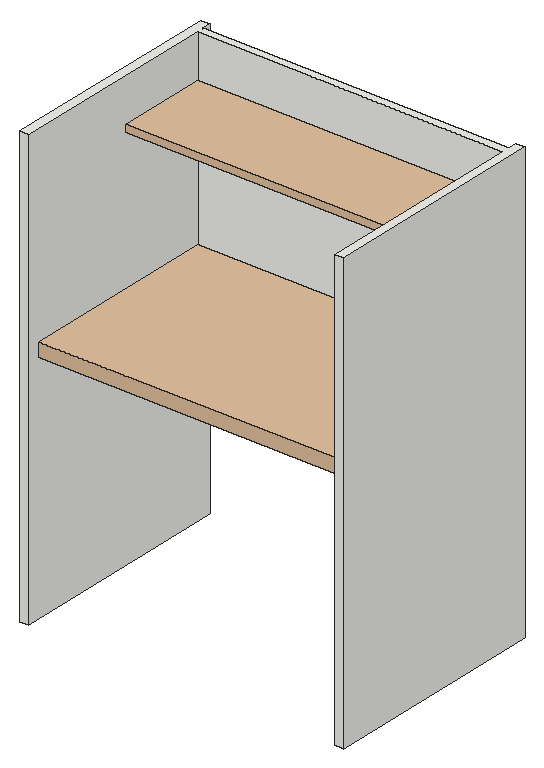
Revit family
Parameters
  Carrel Material = Laminate - Ivory, Matte
  Desktop/Shelf Material = Wood - Cherry
  Width = 908.05 mm
Reference planes
  plane 1 "Center (Front/Back)": y = 0
  plane 2: z = 0
  plane 3 "Center (Left/Right)": x = 0
  plane 4: x = -428.625
  plane 5: x = 428.625
  plane 6: y = -609.6
  plane 7: x = 454.025
  plane 8: x = -454.025
  plane 9: y = 25.4
Forms (mm)
  Extrusion 1, solid, material "Laminate - Ivory, Matte" <- "Carrel Material"
    sketch origin (0, 0, 0) x (1, 0, 0) y (0, 1, 0)
      loop
        line (-428.625, 0) -> (-428.625, 25.4) -> (-454.025, 25.4) -> (-454.025, -609.6) -> (-428.625, -609.6) -> (-428.625, -19.05) -> (428.625, -19.05) -> (428.625, -609.6) -> (454.025, -609.6) -> (454.025, 25.4) -> (428.625, 25.4) -> (428.625, 0) -> (-428.625, 0)
    from 0 to 1231.9
  Extrusion 2, solid, material "Wood - Cherry" <- "Desktop/Shelf Material"
    sketch origin (0, 0, 0) x (1, 0, 0) y (0, 1, 0)
      loop
        line (-428.625, -19.05) -> (-428.625, -577.85) -> (428.625, -577.85) -> (428.625, -19.05) -> (-428.625, -19.05)
    from 660.4 to 698.5
  Extrusion 3, void
    sketch origin (-428.625, -19.05, 1231.9) x (0, 0, -1) y (1, 0, 0)
      loop
        line (1231.9, 0) -> (1231.9, 857.25) -> (774.7, 857.25) -> (774.7, 0) -> (1231.9, 0)
    from -50.8 to 50.8
  Extrusion 4, solid, material "Wood - Cherry" <- "Desktop/Shelf Material"
    sketch origin (0, 0, 1231.9) x (1, 0, 0) y (0, 1, 0)
      loop
        line (-428.625, -19.05) -> (-428.625, -273.05) -> (428.625, -273.05) -> (428.625, -19.05) -> (-428.625, -19.05)
    from -139.7 to -120.65
Cuts and joins
  Extrusion 3 cuts Extrusion 1
  Extrusion 3 cuts Extrusion 2
Lines and regions (mm)
  symbolic lines
    curve 1: line (-454.025, 0, 0) -> (454.025, 0, 0)
    curve 2: line (-454.025, 0, 0) -> (-454.025, -609.6, 0)
    curve 3: line (-454.025, -609.6, 0) -> (454.025, -609.6, 0)
    curve 4: line (454.025, 0, 0) -> (454.025, -609.6, 0)
    curve 5: line (-454.025, -273.05, 0) -> (454.025, -273.05, 0)
Dimensions and locks
  locked: plane 8 to plane 4 at 25.4
  locked: plane 5 to plane 7 at 25.4
  "Width": plane 8 to plane 7
  aligned and locked: curve 5 to Extrusion 4
Automatic sketch dimensions
  Extrusion 1 sketch curve to plane 8 = 0.00 mm
  Extrusion 1 sketch curve to plane 4 = 0.00 mm  (x2)
  Extrusion 1 sketch curve to plane 1 "Center (Front/Back)" = 0.00 mm
  Extrusion 1 sketch curve to plane 5 = 0.00 mm  (x2)
  Extrusion 1 sketch curve to plane 6 = 0.00 mm  (x2)
  Extrusion 1 sketch curve to plane 7 = 0.00 mm
  Extrusion 1 sketch curve to plane 9 = 0.00 mm  (x2)
  Extrusion 1 sketch curve to Extrusion 1 sketch curve = 19.05 mm
  Extrusion 2 sketch curve to plane 4 = 0.00 mm
  Extrusion 2 sketch curve to plane 5 = 0.00 mm
  Extrusion 2 sketch curve to plane 6 = 31.75 mm
  plane 1 "Center (Front/Back)" to Extrusion 2 sketch curve = 19.05 mm
  Extrusion 3 sketch curve to plane 5 = 0.00 mm
  Extrusion 3 sketch curve to plane 4 = 0.00 mm
  Extrusion 3 sketch curve to level = 0.00 mm
  level to Extrusion 3 sketch curve = 457.20 mm
  Extrusion 4 sketch curve to plane 4 = 0.00 mm
  Extrusion 4 sketch curve to plane 5 = 0.00 mm
  plane 1 "Center (Front/Back)" to Extrusion 4 sketch curve = 273.05 mm
  plane 1 "Center (Front/Back)" to Extrusion 4 sketch curve = 19.05 mm
  curve 1 to plane 1 "Center (Front/Back)" = 0.00 mm
  curve 1 to plane 8 = 0.00 mm
  curve 4 to plane 7 = 0.00 mm
  curve 3 to plane 6 = 0.00 mm
